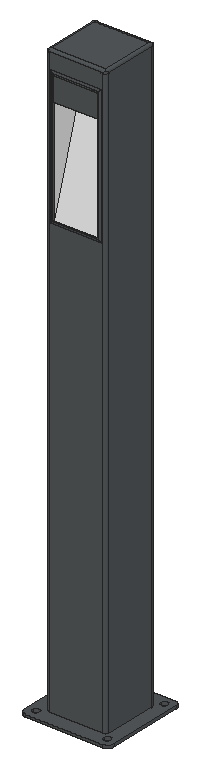
Revit family "svetilnik_alfresco_ar deko_dtu19", category Lighting Fixtures, Revit 2016 (continued)
Definition of nested family "Источник света Ар_Деко"
  Types (5, lengths in mm): name | Photometric Web File | built-in parameter 1150142
             0.2       0.2       0.2       0.2       0.2       0.2       0.2       0.2\r\n       0.2       0.2       0.2       0.2       0.2       0.2       0.2       0.2\r\n       0.2       0.2       0.2       0.1       0.1       0.1       0.0       0.0\r\n       0.0       0.0       0.0       0.0       0.0\r\n       0.0       0.0       0.2       0.1       0.1       0.1       0.1       0.1\r\n       0.2       0.2       0.2       0.2       0.2       0.2       0.2       0.2\r\n       0.2       0.2       0.2       0.2       0.2       0.2       0.2       0.2\r\n       0.2       0.2       0.2       0.2       0.2       0.2       0.2       0.2\r\n       0.2       0.2       0.2       0.2       0.2       0.2       0.2       0.2\r\n       0.2       0.2       0.2       0.2       0.2       0.2       0.2       0.2\r\n       0.2       0.2       0.2       0.2       0.2       0.2       0.2       0.2\r\n       0.2       0.2       0.2       0.2       0.2       0.2       0.2       0.2\r\n       0.2       0.3       0.3       0.3       0.3       0.3       0.3       0.3\r\n       0.3       0.2       0.2       0.2       0.2       0.2       0.2       0.2\r\n       0.2       0.2       0.2       0.2       0.2       0.2       0.2       0.2\r\n       0.2       0.2       0.2       0.2       0.2       0.2       0.2       0.2\r\n       0.2       0.2       0.2       0.2       0.2       0.2       0.2       0.2\r\n       0.2       0.2       0.2       0.2       0.2       0.2       0.2       0.2\r\n       0.2       0.2       0.2       0.2       0.2       0.2       0.2       0.2\r\n       0.2       0.2       0.2       0.2       0.2       0.2       0.2       0.2\r\n       0.2       0.2       0.2       0.2       0.2       0.2       0.2       0.2\r\n       0.2       0.2       0.2       0.2       0.2       0.2       0.2       0.2\r\n       0.2       0.2       0.2       0.2       0.2       0.2       0.2       0.2\r\n       0.2       0.2       0.2       0.2       0.2       0.2       0.2       0.2\r\n       0.2       0.2       0.2       0.2       0.2       0.2       0.2       0.2\r\n       0.2       0.2       0.2       0.1       0.1       0.1       0.0       0.0\r\n       0.0       0.0       0.0       0.0       0.0\r\n       0.0       0.0       0.2       0.1       0.1       0.1       0.1       0.1\r\n       0.2       0.3       0.2       0.2       0.2       0.2       0.2       0.2\r\n       0.2       0.2       0.2       0.2       0.2       0.2       0.2       0.2\r\n       0.2       0.2       0.2       0.2       0.2       0.2       0.2       0.2\r\n       0.2       0.2       0.2       0.2       0.2       0.2       0.2       0.2\r\n       0.2       0.2       0.2       0.2       0.2       0.2       0.2       0.2\r\n       0.2       0.2       0.2       0.2       0.2       0.2       0.2       0.2\r\n       0.2       0.2       0.2       0.3       0.3       0.3       0.3       0.3\r\n       0.4       0.7       0.7       0.7       0.6       0.5       0.5       0.4\r\n       0.4       0.3       0.3       0.2       0.2       0.2       0.2       0.2\r\n       0.2       0.2       0.2       0.2       0.2       0.2       0.2       0.2\r\n       0.2       0.2       0.2       0.2       0.2       0.2       0.2       0.2\r\n       0.2       0.2       0.2       0.2       0.2       0.2       0.2       0.2\r\n       0.2       0.2       0.2       0.2       0.2       0.2       0.2       0.2\r\n       0.2       0.2       0.2       0.2       0.2       0.2       0.2       0.2\r\n       0.2       0.2       0.2       0.2       0.2       0.2       0.2       0.2\r\n       0.2       0.2       0.2       0.2       0.2       0.2       0.2       0.2\r\n       0.2       0.2       0.2       0.2       0.2       0.2       0.2       0.2\r\n       0.2       0.2       0.2       0.2       0.2       0.2       0.2       0.2\r\n       0.2       0.2       0.2       0.2       0.2       0.2       0.2       0.2\r\n       0.2       0.2       0.2       0.2       0.2       0.2       0.2       0.2\r\n       0.2       0.2       0.2       0.2       0.1       0.1       0.0       0.0\r\n       0.0       0.0       0.0       0.0       0.0\r\n       0.0       0.0       0.2       0.1       0.2       0.1       0.1       0.1\r\n       0.2       0.3       0.2       0.2       0.2       0.2       0.2       0.2\r\n       0.2       0.2       0.2       0.2       0.2       0.2       0.2       0.2\r\n       0.2       0.2       0.2       0.2       0.2       0.2       0.2       0.2\r\n       0.2       0.2       0.2       0.2       0.2       0.2       0.3       0.9\r\n       1.2       1.2       1.0       0.9       0.8       0.7       0.6       0.5\r\n       0.4       0.4       0.4       0.4       0.4       0.4       0.5       0.6\r\n       0.5       0.5       0.6       0.8       0.9       1.0       1.2       1.0\r\n       0.7       1.0       1.3       1.4       1.2       1.0       0.8       0.7\r\n       0.6       0.5       0.4       0.4       0.3       0.3       0.3       0.2\r\n       0.2       0.2       0.2       0.2       0.2       0.2       0.2       0.2\r\n       0.2       0.2       0.2       0.2       0.2       0.2       0.2       0.2\r\n       0.2       0.2       0.2       0.2       0.2       0.2       0.2       0.2\r\n       0.2       0.2       0.2       0.2       0.2       0.2       0.2       0.2\r\n       0.2       0.2       0.2       0.2       0.2       0.2       0.2       0.2\r\n       0.2       0.2       0.2       0.2       0.2       0.2       0.2       0.2\r\n       0.2       0.2       0.2       0.2       0.2       0.2       0.2       0.2\r\n       0.2       0.2       0.2       0.2       0.2       0.2       0.2       0.2\r\n       0.2       0.2       0.2       0.2       0.2       0.2       0.2       0.2\r\n       0.2       0.2       0.2       0.2       0.2       0.2       0.2       0.2\r\n       0.2       0.2       0.2       0.2       0.2       0.2       0.2       0.2\r\n       0.2       0.2       0.2       0.2       0.1       0.1       0.0       0.0\r\n       0.0       0.0       0.0       0.0       0.0\r\n       0.0       0.0       0.2       0.1       0.2       0.1       0.1       0.1\r\n       0.2       0.3       0.2       0.2       0.2       0.2       0.2       0.2\r\n       0.2       0.2       0.2       0.2       0.2       0.2       0.2       0.2\r\n       0.2       0.2       0.2       0.2       0.2       0.2       0.2       0.2\r\n       0.3       0.7       0.7       0.9       2.5       2.5       4.6      17.7\r\n      28.3      32.2      31.9      32.9      31.0      28.3      26.0      23.7\r\n      21.6      19.2      16.5      14.3      12.6      11.4      10.3       9.2\r\n       8.7       8.5       8.8       9.5       9.5       9.9       9.9       9.6\r\n      10.2      10.5      10.4      10.9      10.7      10.3      10.5      10.0\r\n       9.6       9.6       8.8       8.0       7.8       7.1       6.5       6.1\r\n       4.0       1.4       0.5       0.2       0.2       0.2       0.2       0.2\r\n       0.2       0.2       0.2       0.2       0.2       0.2       0.2       0.2\r\n       0.2       0.2       0.2       0.2       0.2       0.2       0.2       0.2\r\n       0.2       0.2       0.2       0.2       0.2       0.2       0.2       0.2\r\n       0.2       0.2       0.2       0.2       0.2       0.2       0.2       0.2\r\n       0.2       0.2       0.2       0.2       0.2       0.2       0.2       0.2\r\n       0.2       0.2       0.2       0.2       0.2       0.2       0.2       0.2\r\n       0.2       0.2       0.2       0.2       0.2       0.2       0.2       0.2\r\n       0.2       0.2       0.2       0.2       0.2       0.2       0.2       0.2\r\n       0.2       0.2       0.2       0.2       0.2       0.2       0.2       0.2\r\n       0.2       0.2       0.2       0.2       0.2       0.2       0.2       0.2\r\n       0.2       0.2       0.2       0.2       0.1       0.1       0.0       0.0\r\n       0.0       0.0       0.0       0.0       0.0\r\n       0.0       0.0       0.2       0.1       0.2       0.1       0.1       0.1\r\n       0.2       0.3       0.2       0.2       0.2       0.2       0.2       0.2\r\n       0.2       0.2       0.2       0.2       0.2       0.2       0.2       0.2\r\n       0.2       0.2       0.2       0.2       0.2       0.2       0.6       1.3\r\n       2.5       7.3       9.8      13.7      29.5      46.7      54.6      59.2\r\n      63.3      65.5      68.9      71.5      74.0      72.6      70.6      67.4\r\n      65.3      64.1      62.1      61.6      60.7      59.8      59.2      58.8\r\n      57.6      56.4      55.4      53.9      52.1      50.9      49.5      47.2\r\n      44.6      42.6      41.7      40.1      38.3      37.2      35.6      33.4\r\n      30.8      28.4      26.4      24.1      22.7      20.6      17.6      12.3\r\n       7.0       3.9       2.5       1.4       0.7       0.3       0.2       0.2\r\n       0.2       0.2       0.2       0.2       0.2       0.2       0.2       0.2\r\n       0.2       0.2       0.2       0.2       0.2       0.2       0.2       0.2\r\n       0.2       0.2       0.2       0.2       0.2       0.2       0.2       0.2\r\n       0.2       0.2       0.2       0.2       0.2       0.2       0.2       0.2\r\n       0.2       0.2       0.2       0.2       0.2       0.2       0.2       0.2\r\n       0.2       0.2       0.2       0.2       0.2       0.2       0.2       0.2\r\n       0.2       0.2       0.2       0.2       0.2       0.2       0.2       0.2\r\n       0.2       0.2       0.2       0.2       0.2       0.2       0.2       0.2\r\n       0.2       0.2       0.2       0.2       0.2       0.2       0.2       0.2\r\n       0.2       0.2       0.2       0.2       0.2       0.2       0.2       0.2\r\n       0.2       0.2       0.2       0.2       0.1       0.1       0.0       0.0\r\n       0.0       0.0       0.0       0.0       0.0\r\n       0.0       0.0       0.2       0.1       0.2       0.1       0.1       0.1\r\n       0.2       0.3       0.2       0.2       0.2       0.2       0.2       0.2\r\n       0.2       0.2       0.2       0.2       0.2       0.2       0.2       0.2\r\n       0.2       0.2       0.2       0.3       1.1       3.0       6.5      13.8\r\n      18.7      28.7      51.5      64.5      73.2      82.0      90.2      94.9\r\n     100.3     105.0     109.2     113.7     112.3     112.5     109.7     106.5\r\n     104.3     102.3     100.3      97.6      95.6      94.8      93.6      91.2\r\n      90.6      88.7      86.1      84.2      83.0      81.0      78.4      76.1\r\n      73.5      70.7      68.6      66.0      63.9      61.3      57.8      53.9\r\n      50.4      46.7      44.0      41.1      37.5      30.7      23.0      17.2\r\n      13.0       9.4       6.7       4.7       3.0       1.7       0.8       0.3\r\n       0.2       0.2       0.2       0.2       0.2       0.2       0.2       0.2\r\n       0.2       0.2       0.2       0.2       0.2       0.2       0.2       0.2\r\n       0.2       0.2       0.2       0.2       0.2       0.2       0.2       0.2\r\n       0.2       0.2       0.2       0.2       0.2       0.2       0.2       0.2\r\n       0.2       0.2       0.2       0.2       0.2       0.2       0.2       0.2\r\n       0.2       0.2       0.2       0.2       0.2       0.2       0.2       0.2\r\n       0.2       0.2       0.2       0.2       0.2       0.2       0.2       0.2\r\n       0.2       0.2       0.2       0.2       0.2       0.2       0.2       0.2\r\n       0.2       0.2       0.2       0.2       0.2       0.2       0.2       0.2\r\n       0.2       0.2       0.2       0.2       0.2       0.2       0.2       0.2\r\n       0.2       0.2       0.2       0.2       0.1       0.1       0.0       0.0\r\n       0.0       0.0       0.0       0.0       0.0\r\n       0.0       0.0       0.2       0.1       0.2       0.1       0.1       0.1\r\n       0.2       0.3       0.2       0.2       0.2       0.2       0.2       0.2\r\n       0.2       0.2       0.2       0.2       0.2       0.2       0.2       0.2\r\n       0.3       0.5       0.9       4.4      10.3      24.3      34.7      49.5\r\n      64.4      75.0      83.8      92.5     101.2     110.4     122.8     128.6\r\n     140.5     155.9     156.4     165.2     172.1     168.9     168.0     167.5\r\n     166.4     163.9     163.7     162.5     161.6     159.0     156.9     154.6\r\n     150.7     147.2     143.9     139.8     135.2     130.3     126.3     121.9\r\n     116.5     112.1     108.0     104.3      99.5      95.0      90.1      85.3\r\n      80.5      75.0      69.5      62.2      52.5      43.3      35.6      29.8\r\n      24.6      19.9      15.9      11.6       8.2       5.2       3.3       0.7\r\n       0.2       0.2       0.2       0.2       0.2       0.2       0.2       0.2\r\n       0.2       0.2       0.2       0.2       0.2       0.2       0.2       0.2\r\n       0.2       0.2       0.2       0.2       0.2       0.2       0.2       0.2\r\n       0.2       0.2       0.2       0.2       0.2       0.2       0.2       0.2\r\n       0.2       0.2       0.2       0.2       0.2       0.2       0.2       0.2\r\n       0.2       0.2       0.2       0.2       0.2       0.2       0.2       0.2\r\n       0.2       0.2       0.2       0.2       0.2       0.2       0.2       0.2\r\n       0.2       0.2       0.2       0.2       0.2       0.2       0.2       0.2\r\n       0.2       0.2       0.2       0.2       0.2       0.2       0.2       0.2\r\n       0.2       0.2       0.2       0.2       0.2       0.2       0.2       0.2\r\n       0.2       0.2       0.2       0.1       0.1       0.1       0.0       0.0\r\n       0.0       0.0       0.0       0.0       0.0\r\n       0.0       0.0       0.2       0.1       0.2       0.1       0.1       0.2\r\n       0.2       0.3       0.2       0.2       0.2       0.2       0.2       0.2\r\n       0.2       0.2       0.2       0.2       0.2       0.2       0.3       0.4\r\n       1.7       4.4      11.1      30.2      41.1      52.9      67.3      81.5\r\n      93.5     100.1     109.7     126.0     138.4     151.3     168.4     182.1\r\n     196.9     213.0     216.8     213.5     211.4     210.4     205.1     202.2\r\n     199.2     197.1     193.2     189.5     186.2     183.3     180.9     178.3\r\n     175.0     170.7     167.5     163.2     158.5     155.5     151.8     147.2\r\n     142.8     138.2     134.2     129.3     124.2     118.7     113.9     108.8\r\n     103.0      95.2      83.0      71.0      62.6      54.4      48.5      41.8\r\n      36.1      30.2      25.2      19.9      14.2       9.6       6.0       1.3\r\n       0.3       0.2       0.2       0.2       0.2       0.2       0.2       0.2\r\n       0.2       0.2       0.2       0.2       0.2       0.2       0.2       0.2\r\n       0.2       0.2       0.2       0.2       0.2       0.2       0.2       0.2\r\n       0.2       0.2       0.2       0.2       0.2       0.2       0.2       0.2\r\n       0.2       0.2       0.2       0.2       0.2       0.2       0.2       0.2\r\n       0.2       0.2       0.2       0.2       0.2       0.2       0.2       0.2\r\n       0.2       0.2       0.2       0.2       0.2       0.2       0.2       0.2\r\n       0.2       0.2       0.2       0.2       0.2       0.2       0.2       0.2\r\n       0.2       0.2       0.2       0.2       0.2       0.2       0.2       0.2\r\n       0.2       0.2       0.2       0.2       0.2       0.2       0.2       0.2\r\n       0.2       0.2       0.2       0.1       0.1       0.1       0.0       0.0\r\n       0.0       0.0       0.0       0.0       0.0\r\n       0.0       0.0       0.2       0.1       0.2       0.1       0.1       0.2\r\n       0.2       0.3       0.2       0.2       0.2       0.2       0.2       0.2\r\n       0.2       0.2       0.2       0.2       0.2       0.3       1.7       5.0\r\n      12.5      23.5      48.5      64.1      74.4      87.0      97.3     107.5\r\n     115.2     130.4     146.1     159.4     179.6     193.2     211.1     222.5\r\n     225.9     224.7     221.8     220.0     217.4     212.4     212.6     209.4\r\n     206.8     204.9     200.7     198.6     196.1     191.9     189.3     184.6\r\n     180.2     178.4     173.3     167.9     163.8     161.3     156.3     151.3\r\n     147.6     143.1     137.8     132.6     127.9     123.6     118.8     112.3\r\n     101.9      88.8      76.8      67.8      60.6      53.9      47.3      40.7\r\n      35.6      28.9      24.6    
        18.3      12.6       8.4       3.3       0.6\r\n       0.2       0.2       0.2       0.2       0.2       0.2       0.2       0.2\r\n       0.2       0.2       0.2       0.2       0.2       0.2       0.2       0.2\r\n       0.2       0.2       0.2       0.2       0.2       0.2       0.2       0.2\r\n       0.2       0.2       0.2       0.2       0.2       0.2       0.2       0.2\r\n       0.2       0.2       0.2       0.2       0.2       0.2       0.2       0.2\r\n       0.2       0.2       0.2       0.2       0.2       0.2       0.2       0.2\r\n       0.2       0.2       0.2       0.2       0.2       0.2       0.2       0.2\r\n       0.2       0.2       0.2       0.2       0.2       0.2       0.2       0.2\r\n       0.2       0.2       0.2       0.2       0.2       0.2       0.2       0.2\r\n       0.2       0.2       0.2       0.2       0.2       0.2       0.2       0.2\r\n       0.2       0.2       0.2       0.1       0.1       0.1       0.0       0.0\r\n       0.0       0.0       0.0       0.0       0.0\r\n       0.0       0.0       0.2       0.2       0.2       0.1       0.1       0.2\r\n       0.2       0.3       0.2       0.2       0.2       0.2       0.2       0.2\r\n       0.2       0.2       0.2       0.3       0.6       2.7      10.0      28.9\r\n      51.0      69.2      82.1      91.1     103.5     113.1     127.6     143.3\r\n     158.5     173.3     196.4     215.0     231.0     240.4     240.3     239.1\r\n     237.0     235.1     233.5     232.1     228.9     227.1     223.9     220.4\r\n     219.1     214.1     212.3     207.8     204.4     201.8     198.0     193.8\r\n     191.4     186.6     180.5     176.2     173.2     168.0     163.0     160.5\r\n     156.7     150.9     145.9     140.9     136.2     130.4     122.4     110.3\r\n      97.0      85.8      78.2      68.9      63.0      55.0      48.3      42.6\r\n      36.3      30.9      24.8      18.3      13.3       8.7       3.3       0.6\r\n       0.2       0.2       0.2       0.2       0.2       0.2       0.2       0.2\r\n       0.2       0.2       0.2       0.2       0.2       0.2       0.2       0.2\r\n       0.2       0.2       0.2       0.2       0.2       0.2       0.2       0.2\r\n       0.2       0.2       0.2       0.2       0.2       0.2       0.2       0.2\r\n       0.2       0.2       0.2       0.2       0.2       0.2       0.2       0.2\r\n       0.2       0.2       0.2       0.2       0.2       0.2       0.2       0.2\r\n       0.2       0.2       0.2       0.2       0.2       0.2       0.2       0.2\r\n       0.2       0.2       0.2       0.2       0.2       0.2       0.2       0.2\r\n       0.2       0.2       0.2       0.2       0.2       0.2       0.2       0.2\r\n       0.2       0.2       0.2       0.2       0.2       0.2       0.2       0.2\r\n       0.2       0.2       0.2       0.1       0.1       0.1       0.0       0.0\r\n       0.0       0.0       0.0       0.0       0.0\r\n       0.0       0.0       0.2       0.2       0.2       0.1       0.1       0.2\r\n       0.2       0.3       0.2       0.2       0.2       0.2       0.2       0.2\r\n       0.2       0.2       0.3       1.1       4.9      21.5      39.7      75.9\r\n     102.0     121.2     138.1     153.3     165.6     179.3     196.4     209.4\r\n     231.7     246.7     263.9     273.7     274.7     271.7     270.1     265.3\r\n     265.4     262.5     259.9     256.1     251.1     249.9     245.6     244.8\r\n     240.7     238.6     235.2     233.0     230.2     225.6     220.7     217.4\r\n     214.1     210.5     206.8     202.6     196.6     191.8     189.1     184.1\r\n     177.9     172.6     168.1     161.2     152.0     138.5     121.7     106.8\r\n      94.8      84.9      75.3      68.9      61.2      53.9      48.6      40.9\r\n      36.0      29.0      22.0      16.2      11.8       6.1       1.6       0.2\r\n       0.2       0.2       0.2       0.2       0.2       0.2       0.2       0.2\r\n       0.2       0.2       0.2       0.2       0.2       0.2       0.2       0.2\r\n       0.2       0.2       0.2       0.2       0.2       0.2       0.2       0.2\r\n       0.2       0.2       0.2       0.2       0.2       0.2       0.2       0.2\r\n       0.2       0.2       0.2       0.2       0.2       0.2       0.2       0.2\r\n       0.2       0.2       0.2       0.2       0.2       0.2       0.2       0.2\r\n       0.2       0.2       0.2       0.2       0.2       0.2       0.2       0.2\r\n       0.2       0.2       0.2       0.2       0.2       0.2       0.2       0.2\r\n       0.2       0.2       0.2       0.2       0.2       0.2       0.2       0.2\r\n       0.2       0.2       0.2       0.2       0.2       0.2       0.2       0.2\r\n       0.2       0.2       0.2       0.1       0.1       0.1       0.0       0.0\r\n       0.0       0.0       0.0       0.0       0.0\r\n       0.0       0.0       0.2       0.2       0.2       0.1       0.1       0.2\r\n       0.2       0.3       0.3       0.2       0.2       0.2       0.2       0.2\r\n       0.2       0.3       0.8       7.3      26.2      70.9     101.4     129.8\r\n     149.7     165.0     184.1     199.7     216.8     231.7     252.9     274.3\r\n     302.0     310.8     310.9     308.5     306.9     304.8     302.2     300.3\r\n     297.0     295.9     293.4     290.5     289.5     284.5     285.9     282.2\r\n     279.0     275.3     271.1     268.2     265.3     262.7     257.2     252.7\r\n     248.0     243.1     238.0     233.9     229.0     222.8     217.6     211.7\r\n     207.8     201.7     193.5     180.9     162.7     143.0     125.4     113.7\r\n     101.9      91.7      84.5      72.8      65.7      58.1      50.2      42.9\r\n      37.5      29.7      23.2      17.6      12.2       5.3       1.0       0.2\r\n       0.2       0.2       0.2       0.2       0.2       0.2       0.2       0.2\r\n       0.2       0.2       0.2       0.2       0.2       0.2       0.2       0.2\r\n       0.2       0.2       0.2       0.2       0.2       0.2       0.2       0.2\r\n       0.2       0.2       0.2       0.2       0.2       0.2       0.2       0.2\r\n       0.2       0.2       0.2       0.2       0.2       0.2       0.2       0.2\r\n       0.2       0.2       0.2       0.2       0.2       0.2       0.2       0.2\r\n       0.2       0.2       0.2       0.2       0.2       0.2       0.2       0.2\r\n       0.2       0.2       0.2       0.2       0.2       0.2       0.2       0.2\r\n       0.2       0.2       0.2       0.2       0.2       0.2       0.2       0.2\r\n       0.2       0.2       0.2       0.2       0.2       0.2       0.2       0.2\r\n       0.2       0.2       0.2       0.1       0.1       0.1       0.0       0.0\r\n       0.0       0.0       0.0       0.0       0.0\r\n       0.0       0.0       0.2       0.2       0.2       0.1       0.1       0.2\r\n       0.2       0.3       0.3       0.2       0.2       0.2       0.2       0.2\r\n       0.2       0.8       6.1      31.8      73.5     116.2     144.5     165.1\r\n     184.2     200.7     222.1     245.2     266.4     285.2     315.5     329.3\r\n     337.4     337.7     335.2     329.7     330.8     328.7     327.2     327.9\r\n     326.1     324.2     320.9     317.8     315.7     316.1     312.0     310.4\r\n     306.6     302.1     301.1     296.1     292.2     286.6     281.7     279.1\r\n     273.5     268.1     263.5     257.3     251.2     245.9     240.8     234.8\r\n     227.9     217.7     203.8     180.2     154.4     136.6     127.3     113.7\r\n     105.4      95.2      85.8      77.4      70.0      60.7      52.1      45.5\r\n      35.2      27.1      20.6      16.0       9.7       2.6       0.2       0.2\r\n       0.2       0.2       0.2       0.2       0.2       0.2       0.2       0.2\r\n       0.2       0.2       0.2       0.2       0.2       0.2       0.2       0.2\r\n       0.2       0.2       0.2       0.2       0.2       0.2       0.2       0.2\r\n       0.2       0.2       0.2       0.2       0.2       0.2       0.2       0.2\r\n       0.2       0.2       0.2       0.2       0.2       0.2       0.2       0.2\r\n       0.2       0.2       0.2       0.2       0.2       0.2       0.2       0.2\r\n       0.2       0.2       0.2       0.2       0.2       0.2       0.2       0.2\r\n       0.2       0.2       0.2       0.2       0.2       0.2       0.2       0.2\r\n       0.2       0.2       0.2       0.2       0.2       0.2       0.2       0.2\r\n       0.2       0.2       0.2       0.2       0.2       0.2       0.2       0.2\r\n       0.2       0.2       0.2       0.1       0.1       0.1       0.0       0.0\r\n       0.0       0.0       0.0       0.0       0.0\r\n       0.0       0.0       0.2       0.2       0.2       0.1       0.1       0.2\r\n       0.2       0.3       0.3       0.2       0.2       0.2       0.2       0.2\r\n       0.5       5.2      27.5      78.0     123.6     152.7     172.7     192.1\r\n     210.3     233.5     261.9     289.8     322.4     351.4     369.7     368.6\r\n     370.3     369.8     368.0     371.7     371.5     367.1     365.4     364.6\r\n     361.0     360.0     356.9     354.0     350.0     347.4     341.3     337.9\r\n     334.6     331.8     329.6     323.8     318.5     314.3     309.9     304.3\r\n     298.2     294.0     289.4     282.3     276.5     269.7     261.9     254.8\r\n     243.0     224.7     200.3     174.0     157.5     144.6     132.6     122.4\r\n     113.8     102.2      93.1      86.9      76.4      67.9      59.8      50.0\r\n      37.7      30.5      22.5      16.5       8.8       1.1       0.3       0.2\r\n       0.2       0.2       0.2       0.2       0.2       0.2       0.2       0.2\r\n       0.2       0.2       0.2       0.2       0.2       0.2       0.2       0.2\r\n       0.2       0.2       0.2       0.2       0.2       0.2       0.2       0.2\r\n       0.2       0.2       0.2       0.2       0.2       0.2       0.2       0.2\r\n       0.2       0.2       0.2       0.2       0.2       0.2       0.2       0.2\r\n       0.2       0.2       0.2       0.2       0.2       0.2       0.2       0.2\r\n       0.2       0.2       0.2       0.2       0.2       0.2       0.2       0.2\r\n       0.2       0.2       0.2       0.2       0.2       0.2       0.2       0.2\r\n       0.2       0.2       0.2       0.2       0.2       0.2       0.2       0.2\r\n       0.2       0.2       0.2       0.2       0.2       0.2       0.2       0.2\r\n       0.2       0.2       0.2       0.1       0.1       0.1       0.0       0.0\r\n       0.0       0.0       0.0       0.0       0.0\r\n       0.0       0.0       0.3       0.2       0.2       0.1       0.1       0.2\r\n       0.2       0.3       0.3       0.3       0.2       0.2       0.2       0.3\r\n       3.1      21.2      67.2     118.9     156.9     184.0     202.8     224.9\r\n     253.9     283.1     315.6     351.6     390.7     398.7     404.7     404.9\r\n     404.1     402.5     399.5     401.0     395.8     396.0     393.3     387.9\r\n     383.9     378.4     376.8     375.3     374.9     368.0     365.2     359.1\r\n     356.1     353.7     346.7     343.1     340.7     334.6     331.1     325.6\r\n     321.5     314.4     307.8     301.5     294.9     287.3     278.6     264.0\r\n     242.6     216.2     191.0     176.3     163.3     148.6     138.2     129.7\r\n     117.6     106.6      99.5      89.8      77.6      69.3      60.2      49.1\r\n      37.9      29.4      21.7      13.5       5.2       0.5       0.2       0.2\r\n       0.2       0.2       0.2       0.2       0.2       0.2       0.2       0.2\r\n       0.2       0.2       0.2       0.2       0.2       0.2       0.2       0.2\r\n       0.2       0.2       0.2       0.2       0.2       0.2       0.2       0.2\r\n       0.2       0.2       0.2       0.2       0.2       0.2       0.2       0.2\r\n       0.2       0.2       0.2       0.2       0.2       0.2       0.2       0.2\r\n       0.2       0.2       0.2       0.2       0.2       0.2       0.2       0.2\r\n       0.2       0.2       0.2       0.2       0.2       0.2       0.2       0.2\r\n       0.2       0.2       0.2       0.2       0.2       0.2       0.2       0.2\r\n       0.2       0.2       0.2       0.2       0.2       0.2       0.2       0.2\r\n       0.2       0.2       0.2       0.2       0.2       0.2       0.2       0.2\r\n       0.2       0.2       0.2       0.1       0.1       0.1       0.0       0.0\r\n       0.0       0.0       0.0       0.0       0.0\r\n       0.0       0.0       0.3       0.2       0.2       0.1       0.1       0.2\r\n       0.2       0.3       0.3       0.3       0.2       0.2       0.2       0.8\r\n      14.4      52.6     107.3     151.6     183.7     211.6     239.1     268.3\r\n     305.2     333.6     383.3     426.3     441.7     443.4     441.4     439.5\r\n     435.1     431.8     433.1     424.9     425.2     417.8     414.7     416.5\r\n     413.6     411.5     407.3     403.6     395.5     395.7     393.1     391.3\r\n     388.2     378.2     373.8     367.2     362.1     358.5     352.9     349.2\r\n     342.4     334.7     331.1     325.3     318.6     306.8     291.4     265.3\r\n     241.4     218.7     201.0     186.3     170.9     159.8     148.3     134.4\r\n     120.9     111.0     104.0      92.3      85.0      75.3      63.7      51.4\r\n      43.0      35.2      25.7      13.3       3.6       0.2       0.2       0.2\r\n       0.2       0.2       0.2       0.2       0.2       0.2       0.2       0.2\r\n       0.2       0.2       0.2       0.2       0.2       0.2       0.2       0.2\r\n       0.2       0.2       0.2       0.2       0.2       0.2       0.2       0.2\r\n       0.2       0.2       0.2       0.2       0.2       0.2       0.2       0.2\r\n       0.2       0.2       0.2       0.2       0.2       0.2       0.2       0.2\r\n       0.2       0.2       0.2       0.2       0.2       0.2       0.2       0.2\r\n       0.2       0.2       0.2       0.3       0.2       0.2       0.2       0.2\r\n       0.2       0.2       0.2       0.2       0.2       0.2       0.2       0.2\r\n       0.2       0.2       0.2       0.2       0.2       0.2       0.2       0.2\r\n       0.2       0.2       0.2       0.2       0.2       0.2       0.2       0.2\r\n       0.2       0.2       0.2       0.1       0.1       0.1       0.0       0.0\r\n       0.0       0.1       0.0       0.0       0.0\r\n       0.0       0.0       0.3       0.2       0.2       0.2       0.1       0.2\r\n       0.2       0.3       0.3       0.3       0.3       0.2       0.4       4.2\r\n      38.7      91.8     142.6     177.8     210.1     239.1     276.4     319.6\r\n     356.1     408.2     452.9     472.9     474.4     473.3     472.7     468.8\r\n     466.3     465.9     461.5     459.6     455.0     453.3     452.5     448.0\r\n     447.8     444.2     441.8     436.9     433.1     428.9     427.2     417.4\r\n     413.7     412.0     407.4     404.9     399.7     391.7     385.5     376.6\r\n     370.7     366.2     360.9     352.0     341.6     328.1     301.2     273.9\r\n     248.3     231.6     221.1     202.5     186.2     176.7     160.2     147.4\r\n     136.6     124.4     112.1      99.8      92.2      79.9      67.1      55.4\r\n      44.8      37.5      24.3       9.8       1.5       0.3       0.2       0.2\r\n       0.2       0.2       0.2       0.2       0.2       0.2       0.2       0.2\r\n       0.2       0.2       0.2       0.2       0.2       0.2       0.2       0.2\r\n       0.2       0.2       0.2       0.2       0.2       0.2       0.2       0.2\r\n       0.2       0.2       0.2       0.2       0.2       0.2       0.2       0.2\r\n       0.2       0.2       0.2       0.2       0.2       0.2       0.2       0.2\r\n       0.2       0.2       0.2       0.2       0.2       0.2       0.2       0.2\r\n       0.2       0.2       0.2       0.2       0.3       0.2       0.2       0.2\r\n       0.2       0.2       0.2       0.2       0.2       0.2       0.2       0.2\r\n       0.2       0.2       0.2       0.2       0.2       0.2       0.2       0.2\r\n       0.2       0.2       0.2       0.2       0.2       0.2       0.2       0.2\r\n       0.2       0.2       0.2       0.1       0.1       0.1       0.0       0.0\r\n       0.0       0.1       0.0       0.0       0.0\r\n       0.0       0.0       0.3       0.2       0.2       0.2       0.2       0.2\r\n       0.2       0.3       0.3       0.3       0.3       0.3       1
